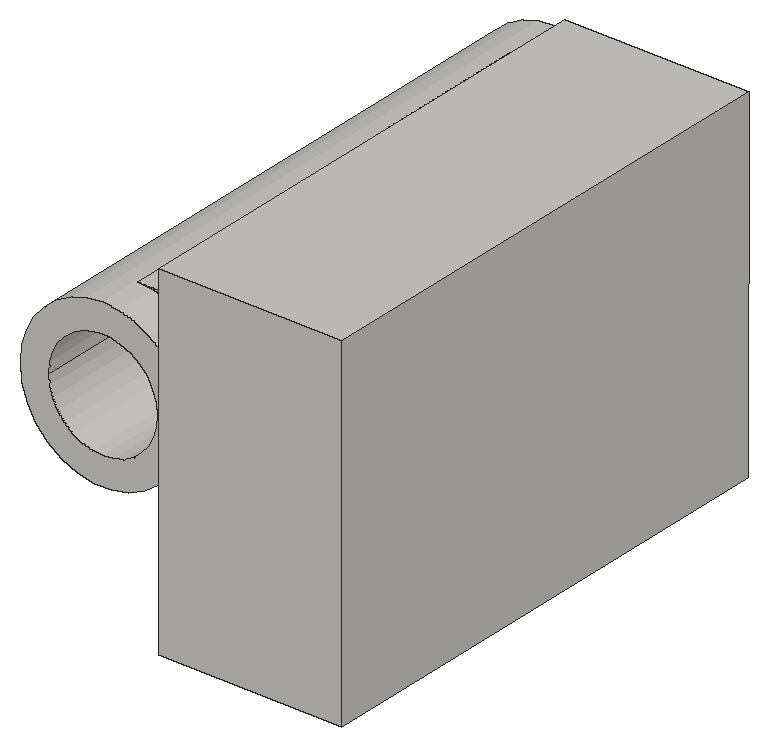
Revit family
Parameters
  Unit Weight = "19.0 lbs"
  URL = "http://www.titus-hvac.com/"
  Static Pressure [instance] = 0.00 in-wg
  Nominal Width = 1' - 1"
  Nominal Length = 1' - 8"
  Nominal Inlet Size = 0' - 4"
  Nominal Inlet Length = 1' - 8"
  Nominal Height = 1' - 0 1/4"
  Model = "DECV"
  Min. Air Flow = 0 CFM
  Max. Air Flow = 225 CFM
  Material = Steel
  Manufacturer = "Titus"
  Inlet Radius = 0' - 2 15/16"
  Inlet Opening Radius = 0' - 1 15/16"
  Inlet Offset = 0' - 2"
  Inlet Extrusion Radius = 0' - 2 15/16"
  Inlet Diameter = 0' - 5 7/8"
  Inlet = Duct D / 2  # 0' - 1 15/16"
  Duct D = 0' - 3 7/8"
  Design Air Flow [instance] = 0 CFM
  Description = "Digital Control Terminal Unit, Retrofit, Variable Volume"
  Control Box Offset = 0' - 3 9/16"
  CADworks URL = "www.CADworks.net"
  Assembly Code = "D3040100"
Reference planes (in)
  plane 1 "Center (Front/Back)": y = 0
  plane 2: z = 0
  plane 3 "Center (Left/Right)": x = 0
  plane 4: y = 8
  plane 5: y = 10
  plane 6: y = -10
  plane 7: x = 3.5625
  plane 8: y = -12
  plane 9: z = 6.125
  plane 10: z = -6.125
  plane 11: x = 10.0625
  plane 12: x = -2.9375
Forms (in)
  Extrusion 1, solid, material "Steel" <- "Material"
    sketch origin (0, -8.5, 0) x (1, 0, 0) y (0, 0, 1)
      loop
        circle (0, 0) r 2.9375
    from -18.5 to 1.5
  Extrusion 2, solid, material "Steel" <- "Material"
    sketch origin (4.29125, 6, 3.56775) x (1, 0, 0) y (0, 0, 1)
      loop
        line (-0.72875, 2.55725) -> (-0.72875, -9.69275) -> (5.77125, -9.69275) -> (5.77125, 2.55725) -> (-0.72875, 2.55725)
    from 0 to 18
  Extrusion 3, solid, material "Steel" <- "Material"
    sketch origin (0, 10, 0) x (-1, 0, 0) y (0, 0, -1)
      loop
        line (-3.5625, 2.9375) -> (-3.5625, -2.9375) -> (0, -2.9375)
        arc (0, -2.9375) -> (-2.9375, 0) -> (0, 2.9375) r 2.9375
        line (0, 2.9375) -> (-3.5625, 2.9375)
    from 2 to 18.5
  Extrusion 4, void
    sketch origin (0, -10, 0) x (1, 0, 0) y (0, 0, -1)
      loop
        circle (0, 0) r 1.9375
    from 0 to 24
Cuts and joins
  Extrusion 4 cuts Extrusion 1
  Extrusion 4 cuts Extrusion 3
Dimensions and locks (in)
  "Inlet Offset": plane 5 to plane 4
  locked: cut or joined group of Extrusion 1, Extrusion 4 to plane 5 at 0
  "Nominal Inlet Length": cut or joined group of Extrusion 1, Extrusion 4 to cut or joined group of Extrusion 1, Extrusion 4
  equal spacing: cut or joined group of Extrusion 1, Extrusion 4, plane 1 "Center (Front/Back)", cut or joined group of Extrusion 1, Extrusion 4
  "Nominal Inlet Length": plane 6 to plane 5
  equal spacing: plane 6, plane 1 "Center (Front/Back)", plane 5
  locked: Extrusion 2 to Extrusion 2 at 18
  locked: Extrusion 2 sketch curve to Extrusion 2 sketch curve at 6.5
  locked: Extrusion 2 sketch curve to Extrusion 2 sketch curve at 12.25
  Extrusion 2 sketch curve to Extrusion 2 sketch curve = 1' - 0 1/4"
  "Inlet Diameter": Extrusion 3 sketch curve to Extrusion 3 sketch curve
  locked: Extrusion 1 sketch curve to level at 0
  locked: Extrusion 1 sketch curve to plane 3 "Center (Left/Right)" at 0
  "Control Box Offset": plane 7 to plane 3 "Center (Left/Right)"
  "Control Box Offset": plane 3 "Center (Left/Right)" to plane 7
  locked: plane 6 to cut or joined group of Extrusion 3, Extrusion 4 at 1.5
  locked: cut or joined group of Extrusion 3, Extrusion 4 to plane 4 at 0
  equal spacing: cut or joined group of Extrusion 3, Extrusion 4, level, cut or joined group of Extrusion 3, Extrusion 4
  "Inlet Radius": radius of Extrusion 1 sketch curve
  "Inlet Extrusion Radius": radius of Extrusion 3 sketch curve
  "Inlet Opening Radius": radius of Extrusion 4 sketch curve
  aligned and locked: plane 9 to Extrusion 2
  aligned and locked: plane 10 to Extrusion 2
  aligned and locked: plane 3 "Center (Left/Right)" to Extrusion 3 sketch curve
  aligned and locked: plane 3 "Center (Left/Right)" to connector elem
  aligned and locked: connector elem to plane 3 "Center (Left/Right)"
  aligned and locked: plane 3 "Center (Left/Right)" to cut or joined group of Extrusion 3, Extrusion 4  (x3)
  aligned and locked: Extrusion 2 to plane 7
  aligned and locked: plane 7 to cut or joined group of Extrusion 3, Extrusion 4
  aligned and locked: cut or joined group of Extrusion 3, Extrusion 4 to Extrusion 2
Automatic sketch dimensions
  plane 7 to Extrusion 2 sketch curve = 0' - 0"
  Extrusion 2 sketch curve to level = 0' - 6 1/8"
  Extrusion 3 sketch curve to plane 7 = 0' - 0"
  Extrusion 3 sketch curve to level = 0' - 0"
Connectors (in)
  hvac at (0, -10, 0), driven by "Design Air Flow", driven by "Inlet", driven by "Static Pressure"
    settings: on cut or joined group of Extrusion 1, Extrusion 4, index 1
  hvac at (0, 10, 0), driven by "Static Pressure", driven by "Design Air Flow", driven by "Inlet"
    settings: on cut or joined group of Extrusion 1, Extrusion 4, index 2
